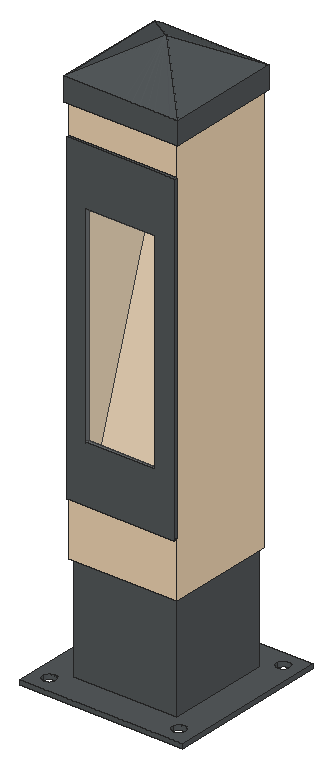
Revit family "Баум", category Осветительные приборы, Revit 2019 (continued)
Types (3, lengths in mm): name | Файл фотометрической сетки | built-in parameter 1150105 | Lumens | built-in parameter 1150106 | built-in parameter 1150142 | Wattage | h_столб низ | h_столб верх | ADSK_Фактическая мощность | ADSK_Размер_Высота | ADSK_Номинальная мощность | ADSK_Наименование | ADSK_Масса_Текст | ADSK_Масса | ADSK_Артикул
  ДТУ961 Светодиодный светильник Баум ДТУ-96-AF-4Вт-0,6 | "DTU-96-AF Baum 4 W .ies" | 31.831 (stored number, unit not read) | 400 lm | 0.31831 (stored number, unit not read) | "IESNA:LM-63-1995\r\n[TEST]\t\talf\r\n[MANUFAC]\tAlfresco\r\n[LUMCAT]\tDTU-96-AF Baum\r\n[LUMINAIRE]\tDTU-96-AF Baum 4 W\r\n[LAMP]\t\tLED\r\n[DATE]\t\tLDT Editor version 1.2.5.0 - DIAL GmbH (www.dial.de) on 13-05-2022\r\n[OTHER]\t\tEULUMDAT file: E:\\Revit\\1-я партия\\Ies\\Баум\\DTU-96-AF Baum 4 W .ldt\r\nTILT=NONE\r\n1 400.0 0.400 181 144 1 2 0.20 0.23 0.00\r\n1.0 1 4.0\r\n0.0 1.0 2.0 3.0 4.0 5.0 6.0 7.0 8.0 9.0 10.0 11.0 12.0 13.0 14.0 15.0 16.0 17.0 18.0 19.0 20.0 21.0 22.0 23.0 24.0 25.0 26.0 27.0\r\n 28.0 29.0 30.0 31.0 32.0 33.0 34.0 35.0 36.0 37.0 38.0 39.0 40.0 41.0 42.0 43.0 44.0 45.0 46.0 47.0 48.0 49.0 50.0 51.0 52.0 53.0\r\n 54.0 55.0 56.0 57.0 58.0 59.0 60.0 61.0 62.0 63.0 64.0 65.0 66.0 67.0 68.0 69.0 70.0 71.0 72.0 73.0 74.0 75.0 76.0 77.0 78.0 79.0\r\n 80.0 81.0 82.0 83.0 84.0 85.0 86.0 87.0 88.0 89.0 90.0 91.0 92.0 93.0 94.0 95.0 96.0 97.0 98.0 99.0 100.0 101.0 102.0 103.0 104.0\r\n 105.0 106.0 107.0 108.0 109.0 110.0 111.0 112.0 113.0 114.0 115.0 116.0 117.0 118.0 119.0 120.0 121.0 122.0 123.0 124.0 125.0\r\n 126.0 127.0 128.0 129.0 130.0 131.0 132.0 133.0 134.0 135.0 136.0 137.0 138.0 139.0 140.0 141.0 142.0 143.0 144.0 145.0 146.0\r\n 147.0 148.0 149.0 150.0 151.0 152.0 153.0 154.0 155.0 156.0 157.0 158.0 159.0 160.0 161.0 162.0 163.0 164.0 165.0 166.0 167.0\r\n 168.0 169.0 170.0 171.0 172.0 173.0 174.0 175.0 176.0 177.0 178.0 179.0 180.0\r\n0.0 2.5 5.0 7.5 10.0 12.5 15.0 17.5 20.0 22.5 25.0 27.5 30.0 32.5 35.0 37.5 40.0 42.5 45.0 47.5 50.0 52.5 55.0 57.5 60.0 62.5 65.0\r\n 67.5 70.0 72.5 75.0 77.5 80.0 82.5 85.0 87.5 90.0 92.5 95.0 97.5 100.0 102.5 105.0 107.5 110.0 112.5 115.0 117.5 120.0 122.5\r\n 125.0 127.5 130.0 132.5 135.0 137.5 140.0 142.5 145.0 147.5 150.0 152.5 155.0 157.5 160.0 162.5 165.0 167.5 170.0 172.5 175.0\r\n 177.5 180.0 182.5 185.0 187.5 190.0 192.5 195.0 197.5 200.0 202.5 205.0 207.5 210.0 212.5 215.0 217.5 220.0 222.5 225.0 227.5\r\n 230.0 232.5 235.0 237.5 240.0 242.5 245.0 247.5 250.0 252.5 255.0 257.5 260.0 262.5 265.0 267.5 270.0 272.5 275.0 277.5 280.0\r\n 282.5 285.0 287.5 290.0 292.5 295.0 297.5 300.0 302.5 305.0 307.5 310.0 312.5 315.0 317.5 320.0 322.5 325.0 327.5 330.0 332.5\r\n 335.0 337.5 340.0 342.5 345.0 347.5 350.0 352.5 355.0 357.5 360.0\r\n0.0 0.0 0.6 0.4 0.6 0.4 0.4 0.4 0.6 0.7 0.6 1.1 77.4 214.9 313.3 393.1 474.8 586.5 677.7 827.7 954.3 978.1 983.5 986.0 987.5 989.0\r\n 991.5 992.3 993.4 990.1 989.3 993.0 987.0 987.5 987.3 980.7 984.0 984.0 983.7 980.3 981.1 980.9 974.7 966.0 961.3 951.7 940.3\r\n 937.0 932.1 932.3 925.1 911.5 879.2 838.3 782.3 731.3 688.4 657.9 632.2 603.0 567.4 549.3 530.7 497.9 469.1 454.6 434.2 402.5\r\n 366.9 346.5 325.6 308.3 268.5 244.4 206.4 182.8 163.9 131.8 100.8 62.0 28.3 4.0 0.7 0.6 0.6 0.6 0.6 0.6 0.6 0.6 0.6 0.6 0.6 0.6\r\n 0.6 0.6 0.6 0.6 0.6 0.6 0.6 0.6 0.6 0.6 0.6 0.6 0.6 0.6 0.6 0.6 0.6 0.6 0.6 0.6 0.7 0.6 0.6 0.6 0.6 0.6 0.6 0.6 0.6 0.6 0.6 0.6\r\n 0.6 0.6 0.6 0.6 0.6 0.6 0.7 0.6 0.6 0.6 0.6 0.6 0.6 0.6 0.6 0.6 0.6 0.7 0.6 0.7 0.6 0.6 0.7 0.7 0.6 0.6 0.6 0.6 0.7 0.7 0.7 0.6\r\n 0.7 0.6 0.7 0.6 0.6 0.6 0.6 0.6 0.6 0.6 0.6 0.6 0.6 0.4 0.2 0.2 0.2 0.2 0.2 0.2 0.0 0.0 0.0\r\n0.0 0.0 0.6 0.4 0.6 0.4 0.4 0.4 0.6 0.7 0.6 0.9 75.2 216.0 314.4 395.3 478.6 597.2 694.8 837.4 948.8 977.2 974.8 973.7 979.6 982.5\r\n 985.7 985.1 989.9 990.6 992.5 986.8 988.8 989.3 984.8 988.2 988.2 980.3 976.3 973.2 967.1 963.5 961.6 955.6 947.7 948.0 956.7\r\n 955.6 946.2 932.3 922.7 901.8 871.7 829.7 774.6 723.2 684.0 653.9 627.8 597.2 571.7 555.9 532.9 494.0 458.4 440.1 424.7 396.6\r\n 368.3 349.4 337.9 308.7 278.0 245.9 203.3 171.2 160.6 129.2 94.9 57.4 20.5 2.6 0.6 0.4 0.6 0.6 0.4 0.6 0.6 0.6 0.6 0.6 0.6 0.6\r\n 0.6 0.6 0.6 0.6 0.6 0.6 0.6 0.6 0.6 0.6 0.6 0.6 0.6 0.6 0.6 0.6 0.6 0.6 0.6 0.6 0.6 0.6 0.6 0.6 0.6 0.6 0.6 0.6 0.6 0.6 0.6 0.6\r\n 0.6 0.6 0.6 0.6 0.6 0.6 0.6 0.6 0.6 0.6 0.6 0.6 0.6 0.6 0.6 0.6 0.6 0.6 0.6 0.6 0.6 0.6 0.6 0.6 0.6 0.6 0.6 0.6 0.6 0.6 0.6 0.6\r\n 0.6 0.6 0.6 0.6 0.6 0.6 0.6 0.6 0.6 0.6 0.6 0.6 0.6 0.4 0.2 0.2 0.2 0.2 0.2 0.2 0.0 0.0 0.0\r\n0.0 0.0 0.6 0.4 0.6 0.4 0.4 0.4 0.6 0.7 0.6 0.9 68.1 214.0 314.4 390.9 470.5 580.7 682.5 820.5 950.4 973.2 967.9 972.6 976.3 978.9\r\n 981.3 987.9 986.8 986.8 989.3 985.5 990.3 988.6 984.9 984.2 983.1 981.8 975.8 969.7 964.6 958.7 952.5 953.9 957.0 947.5 934.5\r\n 926.0 916.8 912.1 901.4 889.9 869.1 834.3 783.1 723.8 683.8 649.8 622.3 591.1 559.2 544.5 524.7 485.4 459.2 443.0 427.4 408.0\r\n 375.1 355.1 333.1 306.5 265.4 235.4 198.6 179.5 160.9 133.6 99.7 61.7 25.1 3.7 0.6 0.6 0.6 0.6 0.6 0.6 0.6 0.6 0.6 0.6 0.6 0.6\r\n 0.6 0.6 0.6 0.6 0.6 0.6 0.6 0.6 0.6 0.6 0.6 0.6 0.6 0.6 0.6 0.6 0.6 0.6 0.6 0.6 0.6 0.6 0.6 0.6 0.6 0.6 0.6 0.6 0.6 0.6 0.6 0.6\r\n 0.6 0.6 0.6 0.6 0.6 0.6 0.6 0.4 0.6 0.4 0.6 0.6 0.6 0.6 0.6 0.6 0.6 0.6 0.6 0.6 0.6 0.6 0.6 0.6 0.6 0.6 0.6 0.6 0.6 0.6 0.6 0.6\r\n 0.6 0.6 0.6 0.6 0.6 0.6 0.6 0.6 0.6 0.6 0.6 0.6 0.6 0.4 0.2 0.2 0.2 0.2 0.2 0.2 0.0 0.0 0.0\r\n0.0 0.0 0.6 0.4 0.6 0.4 0.4 0.4 0.6 0.7 0.6 0.7 57.8 206.3 309.6 383.4 455.9 552.2 650.4 780.3 950.4 975.9 973.0 972.5 973.7 984.6\r\n 984.0 987.9 984.9 989.3 991.7 989.5 987.1 975.4 979.4 972.3 964.4 964.9 966.8 967.9 968.8 965.5 962.2 952.6 944.8 931.5 923.7\r\n 920.3 918.7 913.7 899.8 889.5 871.3 821.4 765.6 719.0 671.3 638.1 617.3 587.6 556.2 536.6 517.0 485.4 456.2 443.2 422.3 395.1\r\n 362.6 340.6 330.9 302.1 267.6 238.0 204.6 173.2 160.0 131.8 96.2 55.1 18.0 3.3 0.6 0.4 0.4 0.4 0.4 0.4 0.4 0.4 0.4 0.4 0.4 0.4\r\n 0.4 0.4 0.4 0.4 0.4 0.4 0.4 0.4 0.4 0.4 0.4 0.4 0.4 0.4 0.4 0.4 0.4 0.4 0.4 0.4 0.4 0.4 0.4 0.4 0.4 0.6 0.4 0.4 0.4 0.6 0.6 0.4\r\n 0.4 0.4 0.4 0.4 0.4 0.4 0.4 0.4 0.4 0.6 0.6 0.6 0.6 0.6 0.6 0.6 0.6 0.6 0.6 0.6 0.6 0.6 0.6 0.6 0.6 0.6 0.6 0.6 0.6 0.6 0.6 0.6\r\n 0.6 0.6 0.6 0.6 0.6 0.6 0.6 0.6 0.6 0.6 0.6 0.6 0.6 0.4 0.2 0.2 0.2 0.2 0.2 0.2 0.0 0.0 0.0\r\n0.0 0.0 0.6 0.4 0.6 0.4 0.4 0.4 0.6 0.7 0.6 0.7 45.5 195.3 300.2 378.6 447.2 534.8 631.7 756.3 934.8 975.2 983.8 978.1 980.9 978.0\r\n 979.1 980.5 975.8 983.5 980.9 980.9 979.4 985.1 978.5 976.3 971.7 971.7 965.9 955.8 951.4 942.5 934.3 926.2 920.0 918.3 917.8\r\n 914.5 907.1 904.4 903.8 893.2 866.2 836.3 787.1 728.6 684.7 652.6 628.7 591.5 561.2 547.6 528.0 500.6 462.8 436.8 426.3 401.5\r\n 367.4 343.7 327.2 306.3 273.1 241.1 207.2 180.9 158.0 132.3 96.2 65.3 26.1 4.6 0.6 0.4 0.4 0.4 0.4 0.4 0.4 0.4 0.4 0.4 0.4 0.4\r\n 0.4 0.4 0.4 0.4 0.4 0.4 0.4 0.4 0.4 0.4 0.4 0.4 0.4 0.4 0.4 0.4 0.4 0.4 0.4 0.4 0.4 0.4 0.4 0.4 0.4 0.4 0.4 0.4 0.4 0.4 0.4 0.4\r\n 0.4 0.4 0.4 0.4 0.4 0.4 0.4 0.4 0.4 0.4 0.4 0.4 0.4 0.6 0.6 0.6 0.6 0.6 0.6 0.4 0.6 0.6 0.6 0.6 0.6 0.6 0.6 0.4 0.6 0.6 0.6 0.6\r\n 0.6 0.6 0.6 0.6 0.6 0.6 0.6 0.6 0.6 0.6 0.6 0.6 0.6 0.4 0.2 0.2 0.2 0.2 0.2 0.2 0.0 0.0 0.0\r\n0.0 0.0 0.6 0.4 0.6 0.4 0.4 0.4 0.6 0.6 0.6 0.7 31.4 180.4 289.8 373.1 446.9 530.0 626.7 732.6 914.3 975.6 984.6 990.3 984.4 983.5\r\n 981.6 980.5 985.8 981.3 977.6 979.1 974.5 977.8 978.0 975.2 972.3 960.9 957.4 951.0 941.1 940.5 943.3 942.7 936.7 932.6 928.6\r\n 914.7 903.3 897.6 891.2 884.7 865.1 837.9 790.6 739.6 683.4 643.4 618.5 595.0 561.6 539.7 518.3 483.6 449.6 435.9 419.0 397.5\r\n 365.4 338.6 320.6 299.7 266.3 241.3 208.1 177.3 155.8 127.6 96.7 56.7 20.5 2.8 0.4 0.4 0.4 0.4 0.4 0.4 0.4 0.4 0.4 0.4 0.4 0.4\r\n 0.4 0.4 0.4 0.4 0.4 0.4 0.4 0.4 0.4 0.4 0.4 0.4 0.4 0.4 0.4 0.4 0.4 0.4 0.4 0.4 0.4 0.4 0.4 0.4 0.4 0.4 0.4 0.4 0.4 0.4 0.4 0.4\r\n 0.4 0.4 0.4 0.4 0.4 0.4 0.4 0.4 0.4 0.4 0.4 0.4 0.4 0.4 0.4 0.4 0.6 0.4 0.4 0.4 0.4 0.6 0.4 0.6 0.6 0.4 0.6 0.6 0.6 0.6 0.6 0.6\r\n 0.6 0.6 0.6 0.6 0.6 0.6 0.6 0.6 0.6 0.6 0.6 0.6 0.6 0.4 0.2 0.2 0.2 0.2 0.2 0.2 0.0 0.0 0.0\r\n0.0 0.0 0.6 0.4 0.6 0.4 0.4 0.4 0.6 0.6 0.6 0.6 18.9 159.7 278.4 360.2 441.0 523.6 626.5 715.7 884.2 970.1 976.7 983.3 987.0 981.1\r\n 983.3 985.3 975.0 974.8 974.7 973.0 973.5 969.0 966.8 966.6 965.7 967.5 964.8 959.8 958.0 956.7 953.4 940.0 934.7 928.8 916.5\r\n 905.8 902.4 899.0 888.2 882.9 876.1 846.2 800.0 746.4 690.0 656.4 629.6 602.7 568.5 541.0 521.9 506.3 468.5 443.2 425.4 405.6\r\n 369.4 341.9 326.5 305.5 278.0 240.9 209.4 173.6 155.6 138.2 104.6 69.9 31.8 7.2 0.6 0.4 0.4 0.4 0.4 0.4 0.4 0.4 0.4 0.4 0.4 0.4\r\n 0.4 0.4 0.4 0.4 0.4 0.4 0.4 0.4 0.4 0.4 0.4 0.4 0.4 0.4 0.4 0.4 0.4 0.4 0.4 0.4 0.4 0.4 0.4 0.4 0.4 0.4 0.4 0.4 0.4 0.4 0.4 0.4\r\n 0.4 0.4 0.4 0.4 0.4 0.4 0.4 0.4 0.4 0.4 0.4 0.4 0.4 0.4 0.4 0.4 0.4 0.4 0.4 0.4 0.4 0.4 0.4 0.4 0.4 0.6 0.4 0.6 0.6 0.4 0.6 0.4\r\n 0.6 0.4 0.6 0.6 0.6 0.6 0.6 0.6 0.6 0.6 0.6 0.6 0.6 0.4 0.2 0.2 0.2 0.2 0.2 0.2 0.0 0.0 0.0\r\n0.0 0.0 0.6 0.4 0.6 0.4 0.4 0.4 0.6 0.6 0.6 0.6 10.3 135.8 261.9 339.9 417.9 501.6 608.5 697.7 837.4 948.4 964.9 968.1 971.5 971.4\r\n 975.0 973.5 974.3 975.2 978.7 978.9 972.1 971.7 971.0 970.1 962.5 958.9 957.0 961.3 953.9 945.8 936.7 934.7 936.9 926.6 910.3\r\n 911.5 909.9 890.8 884.0 878.1 863.5 841.8 798.3 742.9 694.6 647.1 618.1 594.6 555.5 530.5 513.7 492.4 459.2 430.5 412.2 395.7\r\n 363.4 339.1 325.0 308.7 272.5 240.6 207.0 170.5 153.8 131.8 97.6 59.5 26.8 5.3 0.6 0.4 0.4 0.4 0.4 0.4 0.4 0.4 0.4 0.4 0.4 0.4\r\n 0.4 0.4 0.4 0.4 0.4 0.4 0.4 0.4 0.4 0.4 0.4 0.4 0.4 0.4 0.4 0.4 0.4 0.4 0.4 0.4 0.4 0.4 0.4 0.4 0.4 0.4 0.4 0.4 0.4 0.4 0.4 0.4\r\n 0.4 0.4 0.4 0.4 0.4 0.4 0.4 0.4 0.4 0.4 0.4 0.4 0.4 0.4 0.4 0.4 0.4 0.4 0.4 0.4 0.4 0.4 0.4 0.4 0.4 0.4 0.4 0.4 0.4 0.4 0.4 0.4\r\n 0.4 0.4 0.4 0.4 0.6 0.6 0.6 0.6 0.6 0.6 0.6 0.4 0.6 0.4 0.2 0.2 0.2 0.2 0.2 0.2 0.0 0.0 0.0\r\n0.0 0.0 0.6 0.4 0.6 0.4 0.4 0.4 0.4 0.6 0.6 0.6 5.5 106.1 240.8 322.6 392.5 466.5 568.2 663.4 782.3 911.0 951.2 957.2 958.0 966.2\r\n 970.4 967.7 972.8 972.8 968.8 969.2 971.9 965.5 963.7 960.5 961.3 957.2 953.7 949.2 937.6 939.8 937.2 927.5 917.8 918.9 919.2\r\n 909.0 901.1 897.4 889.5 869.5 855.4 839.8 811.7 771.7 716.5 661.8 622.8 595.3 567.4 541.0 517.9 495.9 465.4 433.3 414.0 405.0\r\n 381.0 343.9 321.3 302.6 276.4 241.5 212.9 178.4 156.4 135.3 109.4 77.6 38.0 8.4 1.1 0.4 0.4 0.4 0.4 0.4 0.4 0.4 0.4 0.4 0.4 0.4\r\n 0.4 0.4 0.4 0.4 0.4 0.4 0.4 0.4 0.4 0.4 0.4 0.4 0.4 0.4 0.4 0.4 0.4 0.4 0.4 0.4 0.4 0.4 0.4 0.4 0.4 0.4 0.4 0.4 0.4 0.4 0.4 0.4\r\n 0.4 0.4 0.4 0.4 0.4 0.4 0.4 0.4 0.4 0.4 0.4 0.4 0.4 0.4 0.4 0.4 0.4 0.4 0.4 0.4 0.4 0.4 0.4 0.4 0.4 0.4 0.4 0.4 0.4 0.4 0.4 0.4\r\n 0.4 0.4 0.4 0.4 0.6 0.6 0.6 0.6 0.6 0.6 0.6 0.4 0.4 0.4 0.2 0.2 0.2 0.2 0.2 0.2 0.0 0.0 0.0\r\n0.0 0.0 0.6 0.4 0.6 0.4 0.4 0.4 0.4 0.6 0.6 0.6 2.9 72.7 214.5 307.8 376.0 439.5 527.6 630.9 739.4 880.7 949.0 948.0 953.2 960.2\r\n 959.8 960.9 960.5 961.6 959.4 957.4 958.0 958.3 957.8 958.2 957.6 953.6 952.1 946.2 948.0 941.3 938.7 934.5 927.0 917.8 908.8\r\n 900.9 895.9 886.4 878.5 869.3 860.5 847.5 821.6 775.5 722.9 670.0 628.2 595.3 571.5 537.5 514.6 499.7 474.9 439.2 410.5 395.5\r\n 378.0 343.0 317.5 300.2 270.1 238.4 207.6 177.3 151.6 134.9 109.6 72.3 39.1 5.7 0.6 0.4 0.4 0.4 0.4 0.4 0.4 0.4 0.4 0.4 0.4 0.4\r\n 0.4 0.4 0.4 0.4 0.4 0.4 0.4 0.4 0.4 0.4 0.4 0.4 0.4 0.4 0.4 0.4 0.4 0.4 0.4 0.4 0.4 0.4 0.4 0.4 0.4 0.4 0.4 0.4 0.4 0.4 0.4 0.4\r\n 0.4 0.4 0.4 0.4 0.4 0.4 0.4 0.4 0.4 0.4 0.4 0.4 0.4 0.4 0.4 0.4 0.4 0.4 0.4 0.4 0.4 0.4 0.4 0.4 0.4 0.4 0.4 0.4 0.4 0.4 0.4 0.4\r\n 0.4 0.4 0.4 0.4 0.4 0.4 0.4 0.6 0.6 0.6 0.6 0.4 0.4 0.4 0.2 0.2 0.2 0.2 0.2 0.2 0.0 0.0 0.0\r\n0.0 0.0 0.6 0.4 0.4 0.4 0.2 0.2 0.4 0.6 0.6 0.6 1.5 44.8 180.0 285.4 362.5 425.2 497.3 599.0 696.3 824.9 938.9 953.7 955.0 958.0\r\n 958.0 961.6 962.0 958.2 964.9 959.4 959.3 955.0 955.0 953.0 954.8 952.8 947.5 940.9 936.1 933.4 926.8 921.6 914.3 911.7 905.7\r\n 895.2 883.1 875.0 871.9 861.4 849.5 840.9 826.0 794.3 748.6 686.3 635.3 599.2 571.7 544.5 513.1 490.9 474.4 446.9 415.3 394.0\r\n 377.5 346.3 315.6 299.9 280.0 249.4 221.9 195.3 163.3 140.9 110.5 77.3 40.2 12.3 1.8 0.4 0.4 0.4 0.4 0.4 0.4 0.4 0.4 0.4 0.4 0.4\r\n 0.4 0.4 0.4 0.4 0.4 0.4 0.4 0.4 0.4 0.4 0.4 0.4 0.4 0.4 0.4 0.4 0.4 0.4 0.4 0.4 0.4 0.4 0.4 0.4 0.4 0.4 0.4 0.4 0.4 0.4 0.4 0.4\r\n 0.4 0.4 0.4 0.4 0.4 0.4 0.4 0.4 0.4 0.4 0.4 0.4 0.4 0.4 0.4 0.4 0.4 0.4 0.4 0.4 0.4 0.4 0.4 0.4 0.4 0.4 0.4 0.4 0.4 0.4 0.4 0.4\r\n 0.4 0.4 0.4 0.4 0.4 0.4 0.4 0.6 0.6 0.6 0.6 0.4 0.4 0.4 0.2 0.2 0.2 0.2 0.2 0.2 0.0 0.0 0.0\r\n0.0 0.0 0.6 0.4 0.4 0.2 0.2 0.2 0.4 0.6 0.6 0.6 0.7 23.5 138.7 255.6 338.6 407.2 472.6 563.8 659.0 781.6 902.4 954.7 956.5 953.0\r\n 955.9 955.9 954.3 952.1 952.3 950.8 947.0 948.6 942.5 940.0 935.9 934.5 932.3 931.3 926.2 922.7 915.0 915.4 905.7 895.9 891.3\r\n 880.3 880.0 869.9 858.3 842.9 835.4 822.9 810.4 783.6 751.5 708.7 659.7 612.2 575.2 545.4 509.3 482.5 470.2 444.7 410.2 385.9\r\n 367.4 343.4 315.6 291.8 273.4 248.1 210.9 183.3 150.1 135.1 111.9 84.2 47.3 17.6 1.1 0.4 0.4 0.4 0.4 0.4 0.4 0.4 0.4 0.4 0.4 0.4\r\n 0.4 0.4 0.4 0.4 0.4 0.4 0.4 0.4 0.4 0.4 0.4 0.4 0.4 0.4 0.4 0.4 0.4 0.4 0.4 0.4 0.4 0.4 0.4 0.4 0.4 0.4 0.4 0.4 0.4 0.4 0.4 0.4\r\n 0.4 0.4 0.4 0.4 0.4 0.4 0.4 0.4 0.4 0.4 0.4 0.4 0.4 0.4 0.4 0.4 0.4 0.4 0.4 0.4 0.4 0.4 0.4 0.4 0.4 0.4 0.4 0.4 0.4 0.4 0.4 0.4\r\n 0.4 0.4 0.4 0.4 0.4 0.4 0.4 0.6 0.6 0.6 0.6 0.4 0.4 0.4 0.2 0.2 0.2 0.2 0.2 0.2 0.0 0.0 0.0\r\n0.0 0.0 0.6 0.4 0.4 0.2 0.2 0.2 0.4 0.6 0.6 0.6 0.6 9.5 94.5 221.7 306.3 378.8 447.2 523.6 615.3 717.0 855.0 940.5 954.3 950.8\r\n 949.5 950.4 952.8 947.1 941.5 942.7 942.4 942.5 939.1 933.7 922.7 926.4 920.5 921.1 918.7 908.4 896.7 890.1 888.8 888.8 875.0\r\n 871.2 869.7 858.1 848.8 843.8 828.8 816.3 806.9 787.3 758.1 717.5 665.6 618.3 581.6 550.6 521.7 493.3 465.4 441.9 408.9 381.4\r\n 364.8 348.3 317.9 290.0 274.7 254.9 223.3 190.9 157.3 134.0 115.6 85.3 53.0 19.5 2.8 0.4 0.4 0.4 0.4 0.4 0.4 0.4 0.4 0.4 0.4 0.4\r\n 0.4 0.4 0.4 0.4 0.4 0.4 0.4 0.4 0.4 0.4 0.4 0.4 0.4 0.4 0.4 0.4 0.4 0.4 0.4 0.4 0.4 0.4 0.4 0.4 0.4 0.4 0.4 0.4 0.4 0.4 0.4 0.4\r\n 0.4 0.4 0.4 0.4 0.4 0.4 0.4 0.4 0.4 0.4 0.4 0.4 0.4 0.4 0.4 0.4 0.4 0.4 0.4 0.4 0.4 0.4 0.4 0.4 0.4 0.4 0.4 0.4 0.4 0.4 0.4 0.4\r\n 0.4 0.4 0.4 0.4 0.4 0.4 0.4 0.4 0.6 0.6 0.6 0.4 0.4 0.4 0.2 0.2 0.2 0.2 0.2 0.2 0.0 0.0 0.0\r\n0.0 0.0 0.6 0.4 0.4 0.2 0.2 0.2 0.4 0.6 0.6 0.6 0.4 3.7 53.6 176.9 273.1 348.9 414.8 481.2 562.1 653.5 779.6 892.8 946.2 944.4\r\n 944.2 937.4 936.1 940.7 938.9 932.6 930.6 929.3 927.0 923.7 923.5 912.5 912.3 905.3 902.2 899.6 897.4 892.5 882.5 875.2 871.7\r\n 863.8 851.2 844.4 830.6 826.6 821.2 814.8 803.3 787.5 763.4 729.3 686.3 633.0 595.5 560.8 530.2 489.8 469.6 446.3 424.5 393.5\r\n 370.5 352.9 325.6 295.1 270.1 245.2 221.5 188.1 160.8 131.2 111.9 92.9 61.1 27.7 4.8 0.4 0.4 0.4 0.4 0.4 0.4 0.4 0.4 0.4 0.4 0.4\r\n 0.4 0.4 0.4 0.4 0.4 0.4 0.4 0.4 0.4 0.4 0.4 0.4 0.4 0.4 0.4 0.4 0.4 0.4 0.4 0.4 0.4 0.4 0.4 0.4 0.4 0.4 0.4 0.4 0.4 0.4 0.4 0.4\r\n 0.4 0.4 0.4 0.4 0.4 0.4 0.4 0.4 0.4 0.4 0.4 0.4 0.4 0.4 0.4 0.4 0.4 0.4 0.4 0.4 0.4 0.4 0.4 0.4 0.4 0.4 0.4 0.4 0.4 0.4 0.4 0.4\r\n 0.4 0.4 0.4 0.4 0.4 0.4 0.4 0.4 0.4 0.6 0.6 0.4 0.4 0.4 0.2 0.2 0.2 0.2 0.2 0.2 0.0 0.0 0.0\r\n0.0 0.0 0.6 0.4 0.4 0.2 0.2 0.2 0.4 0.6 0.6 0.4 0.4 1.5 22.4 125.5 234.5 314.7 380.8 442.3 515.5 593.9 692.6 818.1 917.4 938.5\r\n 943.1 937.6 934.5 930.6 933.7 927.5 923.5 920.0 919.2 920.0 912.5 908.8 897.4 894.5 885.5 880.0 880.2 874.8 869.5 862.2 854.5\r\n 853.9 844.7 830.0 823.3 806.2 795.5 783.4 770.8 764.9 752.4 732.2 693.0 645.8 594.8 546.7 526.0 500.1 464.7 437.0 419.3 387.4\r\n 356.8 338.2 320.8 294.2 268.1 247.2 227.2 192.3 167.9 134.3 116.3 90.7 65.9 29.5 6.6 0.6 0.4 0.4 0.4 0.4 0.4 0.4 0.4 0.4 0.4 0.4\r\n 0.4 0.4 0.4 0.4 0.4 0.4 0.4 0.4 0.4 0.4 0.4 0.4 0.4 0.4 0.4 0.4 0.4 0.4 0.4 0.4 0.4 0.4 0.4 0.4 0.4 0.4 0.4 0.4 0.4 0.4 0.4 0.4\r\n 0.4 0.4 0.4 0.4 0.4 0.4 0.4 0.4 0.4 0.4 0.4 0.4 0.4 0.4 0.4 0.4 0.4 0.4 0.4 0.4 0.4 0.4 0.4 0.4 0.4 0.4 0.4 0.4 0.4 0.4 0.4 0.4\r\n 0.4 0.4 0.4 0.4 0.4 0.4 0.4 0.4 0.4 0.6 0.6 0.4 0.4 0.4 0.2 0.2 0.2 0.2 0.2 0.2 0.0 0.0 0.0\r\n0.0 0.0 0.6 0.4 0.4 0.2 0.2 0.2 0.4 0.6 0.6 0.4 0.4 0.6 6.4 76.9 182.1 274.7 343.0 408.3 468.3 538.4 620.7 723.6 841.1 919.2 926.4\r\n 932.1 927.3 928.8 921.6 920.0 918.0 910.4 904.6 900.3 900.0 888.8 889.9 884.9 876.7 874.8 864.5 856.3 857.9 852.6 844.7 824.4\r\n 821.2 819.0 803.6 796.7 788.4 782.7 772.4 755.4 745.1 727.5 702.3 666.3 614.4 563.2 520.8 495.3 463.9 439.9 416.0 395.5 363.4\r\n 335.3 316.2 292.9 266.5 246.
